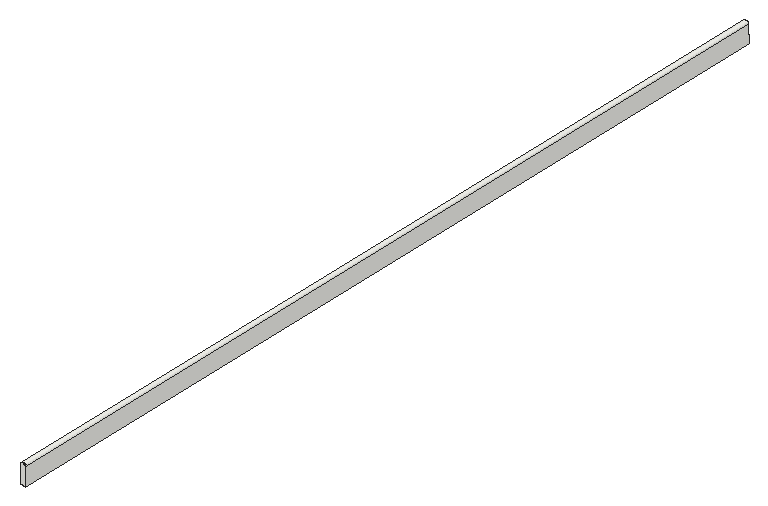
Revit family "COR", category Specialty Equipment, host Face, Revit 2020
Family settings
  Host = Face
  Round Connector Dimension = Use Diameter
  Part Type = Normal
  Cut with Voids When Loaded = No
  Shared = No
  Room Calculation Point = No
Parameters (values of type "SEE TYPE CATEGORY")
  Width = 0' - 0 1/2"
  URL = "http://www.emseal.com/"
  Type Image = EMSEAL-COR.jpg
  Tensile Strength (ASTM D3574) = "18 psi min; 145 kPa"
  Temperature Range (ASTM C711) = "185°F (85°C) to -40°F (-40°C)"
  Staining (ASTM C510) = "None"
  Single Bellow = yes
  Seal Material Note = "Seismic Colorseal is coated on the wall side with standard Sikasil WS-295 water-resistant silicone. Also available coated with a  paintable STPE sealant."
  Seal Material [instance] = Silicone - Sikasil WS-295 White or STPE Sealant
  Rate of Air Leakage (ASTM E283) = "Passed"
  R Value Range (ASTM C518) = "2.1 per 1-inch (25mm) depth"
  Product Page URL = "https://bit.ly/2WS3vxo"
  Product Documentation URL = "https://bit.ly/2QuY72O"
  Product Data URL = "https://bit.ly/2QuY72O"
  Pick Resistance = no
  Movement (of Nominal Material Size) = "+50% / -50%"
  Model = "Seismic Colorseal"
  Manufacturer = "EMSEAL Joint Systems Ltd"
  Length [instance] = 6' - 6 23/32"
  Durometer Hardness of Silicone Coating (ASTM D2240) = "Shore A: 25"
  Description = "Watertight vertical-application expansion joint for walls."
  Depth = 0' - 1 3/4"
  Default Elevation = 0' - 0"
  Calc Width Single [instance] = if(Width > 0' 1 67/256", 0' 1 67/256", Width)  # 0' - 0 1/2"
  Assembly Code = "C3020200"
  ABAA Compliance = yes
Reference planes (in)
  plane 1 "Center (Front/Back)": y = 0
  plane 2: z = 0
  plane 3 "Center (Left/Right)": x = 0
  plane 4 "Width 1": x = -0.25
  plane 5 "Width 2": x = 0.25
  plane 6: y = 39.35937
  plane 7: y = -39.35938
  plane 8: z = -1.75
  plane 9: x = 0.25
  plane 10: x = -0.25
  plane 11 "Single Width 1": x = -0.25
  plane 12 "Single Width 2": x = 0.25
  plane 13 "Expansion Line": z = 0.03125
  plane 14 "Hex Center": x = 0
Forms (in)
  Extrusion 1, void
    sketch origin (0, 0, 0) x (1, 0, 0) y (0, 1, 0)
      loop
        line (-0.25, -39.35938) -> (0.25, -39.35938) -> (0.25, 39.35937) -> (-0.25, 39.35937) -> (-0.25, -39.35938)
    from 0 to -30
  Extrusion 2, solid, detail levels coarse
    sketch origin (0, 0, 0) x (1, 0, 0) y (0, 1, 0)
      loop
        line (-0.25, 39.35937) -> (-0.25, -39.35938) -> (0.25, -39.35938) -> (0.25, 39.35937) -> (-0.25, 39.35937)
    from 0 to -1.75
  Extrusion 3, solid, material "Silicone - Sikasil WS-295 White or STPE Sealant" <- "Seal Material", visible <- "Single Bellow"
    sketch origin (0, 0, 0) x (1, 0, 0) y (0, 0, 1)
      loop
        line (-0.25, -1.75) -> (0.25, -1.75) -> (0.25, -0.25)
        arc (0.25, -0.25) -> (0, 0) -> (-0.25, -0.25) r 0.25
        line (-0.25, -0.25) -> (-0.25, -1.75)
    from 39.35938 to -39.35937
Lines and regions (in)
  model lines, style "Expansion Graphic"
    curve 1: line (0, 39.35937, 0.03125) -> (0, -39.35938, 0.03125)
Dimensions and locks (in)
  "Width": plane 4 "Width 1" to plane 5 "Width 2"
  equal spacing: plane 4 "Width 1", plane 3 "Center (Left/Right)", plane 5 "Width 2"
  equal spacing: plane 6, plane 1 "Center (Front/Back)", plane 7
  "Length": plane 6 to plane 7
  "Depth": plane 2 to plane 8
  plane 10 to plane 9 = 0' - 0 1/2"
  equal spacing: plane 11 "Single Width 1", plane 3 "Center (Left/Right)", plane 12 "Single Width 2"
  "Calc Width Single": plane 11 "Single Width 1" to plane 12 "Single Width 2"
  locked: plane 2 to Extrusion 3 sketch curve at 0
  locked: plane 13 "Expansion Line" to level at 0.03125
  aligned and locked: plane 2 to host face
  aligned and locked: level to host face
  aligned and locked: Extrusion 1 sketch curve to plane 7
  aligned and locked: Extrusion 1 sketch curve to plane 4 "Width 1"
  aligned and locked: plane 6 to Extrusion 1 sketch curve
  aligned and locked: plane 5 "Width 2" to Extrusion 1 sketch curve
  aligned and locked: Extrusion 2 sketch curve to plane 6
  aligned and locked: plane 4 "Width 1" to Extrusion 2 sketch curve
  aligned and locked: plane 7 to Extrusion 2 sketch curve
  aligned and locked: Extrusion 2 sketch curve to plane 5 "Width 2"
  aligned and locked: Extrusion 2 to plane 8
  aligned and locked: level to Extrusion 2
  aligned and locked: plane 11 "Single Width 1" to Extrusion 3 sketch curve
  aligned and locked: Extrusion 3 sketch curve to plane 12 "Single Width 2"
  aligned and locked: Extrusion 3 sketch curve to plane 8
  aligned and locked: Extrusion 3 to plane 7
  aligned and locked: plane 6 to Extrusion 3
  aligned and locked: curve 1 to plane 3 "Center (Left/Right)"
  aligned and locked: plane 6 to curve 1
  aligned and locked: plane 7 to curve 1
Automatic sketch dimensions
  host sketch curve to host sketch curve = 8' - 0"  (x2)
Types in the file's own list only (4): name | Width | Depth | Default Elevation
  COR - .5 inches | 1/2" | 1 3/4" | 0"
  COR - .75 inches | 3/4" | 1 3/4" | 0"
  COR - 1 inches | 1" | 1 3/4" | 0"
  COR - 1.25 inches | 1 1/4" | 1 3/4" | 0"
